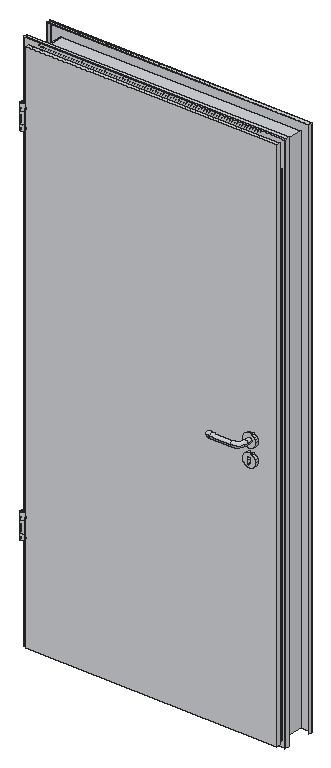
Revit family "BOS-Blockzarge-15ZBud-zw-2-Waenden_Familie", category Türen, Revit 2017
Family settings
  Basisbauteil = Wand
  Immer vertikal = Ja
  Beim Laden mit Abzugskörper schneiden = Nein
  Gemeinsam genutzt = Nein
  Raumberechnungspunkt = Ja
Parameters (values of type "15ZBud zwischen 2 Wänden")
  Öffnungswinkel min. = 0.00°  # constant formula
  Öffnungswinkel max. = 90.00°  # constant formula
  Öffnungswinkel   Aperture [instance] = 0.00°
  Öffnungswinkel [instance] = if(Öffnungswinkel   Aperture < Öffnungswinkel min., Öffnungswinkel min., if(Öffnungswinkel   Aperture > Öffnungswinkel max., Öffnungswinkel max., Öffnungswinkel   Aperture)) * if(DIN links   DIN Left, 1, -1)  # 0.00°
  Unterfütterungsstärke min. = 18 mm  # constant formula
  Unterfütterungsstärke max. = 28 mm  # constant formula
  Bauseitige Unterfütterung [instance] = Bauseitige Unterfütterung   Underlay from Site  # no
  Türblattabstand unten = 7 mm  # constant formula
  Türblattabstand oben = 4 mm  # constant formula
  Türblattabstand links-rechts = 3.5 mm  # constant formula
  Türblattaufschlag = 13 mm  # constant formula
  Türblattabstand 3 = 4.5 mm  # constant formula
  Türblattabstand 2 = 4.5 mm  # constant formula
  Türblattabstand 1 = if(Gefälzt, 1.5 mm, -2 mm)  # 1.5 mm
  Türblattversatz vertikal = if(Gefälzt, -3.5 mm, 15.5 mm)  # -3.5 mm
  Türblattversatz horizontal = if(Gefälzt, 11.5 mm, 6 mm)  # 11.5 mm
  Zargenversatz   Frame Offset [instance] = 0 mm
  Zargenversatz [instance] = if(Zargenversatz   Frame Offset < Zargenversatz min., Zargenversatz min., if(Zargenversatz   Frame Offset > Zargenversatz max., Zargenversatz max., Zargenversatz   Frame Offset))  # 0 mm
  Zargenreferenz [instance] = Wandstärke   Wall Thickness / 2  # 100 mm
  Wandstärke min. = MW min. + Putzwinkel vorne + Putzwinkel hinten  # 130 mm
  Wandstärke   Wall Thickness [instance] = 200 mm
  Zargenversatz min. [instance] = 0 mm  # constant formula
  Zargenversatz max. [instance] = if(Wandstärke   Wall Thickness > GT Gesamttiefe, Wandstärke   Wall Thickness - GT Gesamttiefe, 0 mm)  # 70 mm
  Zargenverschiebung [instance] = Wandstärke   Wall Thickness - Zargenversatz - Putzwinkel vorne  # 185 mm
  Unterfütterungsstärke   Underlay Thickness [instance] = 18 mm
  Unterfütterungsstärke [instance] = if(Unterfütterungsstärke   Underlay Thickness < Unterfütterungsstärke min., Unterfütterungsstärke min., if(Unterfütterungsstärke   Underlay Thickness > Unterfütterungsstärke max., Unterfütterungsstärke max., Unterfütterungsstärke   Underlay Thickness))  # 18 mm
  Stumpf = or([15ZBsd], [15ZBsFd])  # no
  VX Bänder [instance] = 1 < 2  # yes
  Spiegel vorne min. = 30 mm  # constant formula
  Spiegel vorne max. = 30 mm  # constant formula
  Spiegel hinten min. [instance] = Spiegel vorne + Falzaufschlag gesamt  # 45 mm
  Spiegel hinten max. [instance] = Spiegel vorne + Falzaufschlag gesamt  # 45 mm
  Sickentiefe = 10 mm  # constant formula
  RRH Rohbau_Richtmaß_Höhe (Zarge)   Structural Wall Opening Height Measurement (Door Frame) [instance] = FMH Falzmaß Höhe + Einfügepunkt  # 2125 mm
  RRH Rohbau_Richtmaß_Höhe   Structural Wall Opening Height Measurement [instance] = [RRH Rohbau_Richtmaß_Höhe (Zarge)   Structural Wall Opening Height Measurement (Door Frame)] + Unterfütterungsstärke  # 2143 mm
  RRB Rohbau_Richtmaß_Breite (Zarge)   Structural Wall Opening Width Measurement (Door Frame) [instance] = FMB Falzmaß Breite + (2 * Einfügepunkt)  # 1000 mm
  RRB Rohbau_Richtmaß_Breite   Structural Wall Opening Width Measurement [instance] = [RRB Rohbau_Richtmaß_Breite (Zarge)   Structural Wall Opening Width Measurement (Door Frame)] + (2 * Unterfütterungsstärke)  # 1036 mm
  Putzwinkel vorne   Backbend Front = 15 mm  # constant formula
  Putzwinkel min. = 10 mm  # constant formula
  Putzwinkel max. = 28 mm  # constant formula
  Putzwinkel hinten   Backbend Back = 15 mm  # constant formula
  Material - Unterfütterung = none
  MW Maulweite [instance] = MW Maulweite   Receiving Opening  # 100 mm
  LDH Lichte Durchgangs Höhe   Clearance Height [instance] = FMH Falzmaß Höhe - Falzaufschlag gesamt  # 2093 mm
  LDB Lichte Durchgangs Breite   Clearance Width [instance] = FMB Falzmaß Breite - (2 * Falzaufschlag gesamt)  # 936 mm
  Gefälzt = or([15ZBud], [15ZBuFd])  # yes
  URL = "www.BestOfSteel.de/stahlzargen/zargen-fuer-drehfluegeltueren/umfassungszargen-als-blockprofil/"
  Türblattstärke 3 = if(Doppelfalz, Falztiefe 2, 0 mm)  # 0 mm
  Türblattstärke 2 = Türblattstärke - Türblattstärke 1 - Türblattstärke 3  # 25.5 mm
  Türblattstärke 1 = if(Gefälzt, 14.5 mm, 0 mm)  # 14.5 mm
  Türblattstärke = if(Einfachfalz, 40 mm, 65 mm)  # 40 mm
  Typenbild = <Keine Auswahl>
  Spiegel vorne   Architrave Front [instance] = 30 mm  # constant formula
  Spiegel vorne [instance] = if(Spiegel vorne   Architrave Front < Spiegel vorne min., Spiegel vorne min., if(Spiegel vorne   Architrave Front > Spiegel vorne max., Spiegel vorne max., Spiegel vorne   Architrave Front))  # 30 mm
  Spiegel hinten   Architrave Back [instance] = Spiegel vorne + Falzaufschlag gesamt  # 45 mm
  Spiegel hinten [instance] = if(Spiegel hinten   Architrave Back < Spiegel hinten max., Spiegel hinten max., if(Spiegel hinten   Architrave Back > Spiegel hinten max., Spiegel hinten max., Spiegel hinten   Architrave Back))  # 45 mm
  Rough Height = 0 mm  # constant formula
  Rough Width = 0 mm  # constant formula
  Rechtliche Hinweise [instance] = "www.BestOfSteel.de/tools-downloads/bim-building-information-modeling/"
  Putzwinkel vorne = if(Putzwinkel vorne   Backbend Front < Putzwinkel min., Putzwinkel min., if(Putzwinkel vorne   Backbend Front > Putzwinkel max., Putzwinkel max., Putzwinkel vorne   Backbend Front))  # 15 mm
  Putzwinkel hinten = if(Putzwinkel hinten   Backbend Back < Putzwinkel min., Putzwinkel min., if(Putzwinkel hinten   Backbend Back > Putzwinkel max., Putzwinkel max., Putzwinkel hinten   Backbend Back))  # 15 mm
  MW min. = 100 mm  # constant formula
  MW max. [instance] = GT max. - Putzwinkel vorne - Putzwinkel hinten  # 170 mm
  Information in English = no
  GT min. [instance] = MW min. + Putzwinkel vorne + Putzwinkel hinten  # 130 mm
  GT max. stumpf [instance] = if(Wandstärke   Wall Thickness > 344 mm, 344 mm, if(Wandstärke   Wall Thickness < Wandstärke min., Wandstärke min., Wandstärke   Wall Thickness))  # 200 mm
  GT max. gefälzt [instance] = if(Wandstärke   Wall Thickness > 319 mm, 319 mm, if(Wandstärke   Wall Thickness < Wandstärke min., Wandstärke min., Wandstärke   Wall Thickness))  # 200 mm
  GT max. [instance] = if(Gefälzt, GT max. gefälzt, GT max. stumpf)  # 200 mm
  GT Gesamttiefe [instance] = if(GT Gesamttiefe_Zarge   Total Profile Depth < GT min., GT min., if(GT Gesamttiefe_Zarge   Total Profile Depth > GT max., GT max., GT Gesamttiefe_Zarge   Total Profile Depth))  # 130 mm
  Funktion = Innen
  Falztiefe gesamt = if(Einfachfalz, Falztiefe, Falztiefe + Falztiefe 2)  # 28.5 mm
  Falztiefe 2 = 25 mm  # constant formula
  Falztiefe = Türblattstärke 2 - Türblattabstand 1 + Türblattabstand 2  # 28.5 mm
  Falzaufschlag gesamt = if(Einfachfalz, Falzaufschlag, 2 * Falzaufschlag)  # 15 mm
  FMH min. = 1608 mm  # constant formula
  FMH max. = 2858 mm  # constant formula
  FMH Falzmaß_Höhe   Rebate Height Measurement [instance] = 2108 mm
  FMH Falzmaß Höhe [instance] = if(FMH Falzmaß_Höhe   Rebate Height Measurement < FMH min., FMH min., if(FMH Falzmaß_Höhe   Rebate Height Measurement > FMH max., FMH max., FMH Falzmaß_Höhe   Rebate Height Measurement))  # 2108 mm
  FMB min. = 591 mm  # constant formula
  FMB max. = 1342 mm  # constant formula
  FMB Falzmaß_Breite   Rebate Width Measurement [instance] = 966 mm
  FMB Falzmaß Breite [instance] = if(FMB Falzmaß_Breite   Rebate Width Measurement < FMB min., FMB min., if(FMB Falzmaß_Breite   Rebate Width Measurement > FMB max., FMB max., FMB Falzmaß_Breite   Rebate Width Measurement))  # 966 mm
  Drückerhöhe [instance] = if(Drückerhöhe   Handle Height < 850 mm, 850 mm, if(Drückerhöhe   Handle Height > 1050 mm, 1050 mm, Drückerhöhe   Handle Height))  # 1050 mm
  Drehpunktreferenz vetikal [instance] = 2 * MW Maulweite  # 200 mm
  Drehpunktreferenz horizontal = 500 mm  # constant formula
  Drehpunktposition vertikal [instance] = Drehpunktreferenz vetikal + Putzwinkel vorne + [Drehpunktabstand (SP) vertikal]  # 227.5 mm
  Drehpunktposition horizontal [instance] = Drehpunktreferenz horizontal + Unterfütterungsstärke + Einfügepunkt + if(DIN links   DIN Left, FMB Falzmaß Breite + [Drehpunktabstand (FM) horizontal], -[Drehpunktabstand (FM) horizontal])  # 1522 mm
  Drehpunktabstand (SP) vertikal = if(Gefälzt, 12.5 mm, 13.5 mm)  # 12.5 mm
  Drehpunktabstand (FM) horizontal = if(Gefälzt, 21 mm, 2.5 mm)  # 21 mm
  Drehpunkt Warnung sichtbar = yes
  Drehpunkt Warnung [instance] = and(Drehpunkt Warnung sichtbar, not(Öffnungswinkel = 0.00°))  # no
  Doppelfalz = or([15ZBuFd], [15ZBsFd])  # no
  Einfachfalz = or([15ZBud], [15ZBsd])  # yes
  Dichtungsversatz vertikal 2 [instance] = Falztiefe + Falztiefe 2 + 10 mm - Putzwinkel vorne  # 48.5 mm
  Dichtungsversatz horizontal 2 [instance] = Falzaufschlag  # 15 mm
  Dichtungsversatz vertikal 1 [instance] = Falztiefe + 10 mm - Putzwinkel vorne  # 23.5 mm
  Dichtungsversatz horizontal 1 [instance] = 0 mm  # constant formula
  Dichtung 2 = Doppelfalz  # no
  Dichtung 1 = or(Einfachfalz, Doppelfalz)  # yes
  Bänder - Auswahl [instance] = if(Gefälzt, "3D Bänder gefälzt, Bandaufnahmen BVX11000", "3D Bänder stumpf, Bandaufnahmen BVX11000")  # "3D Bänder gefälzt, Bandaufnahmen BVX11000"
  Blechstärke = 1.5 mm  # constant formula
  Bauseitige Unterfütterung   Underlay from Site [instance] = no
  BE max. = 100 mm  # constant formula
  BE Bodeneinstand [instance] = if(BE Bodeneinstand   Foundation Bedding < 0 mm, 0 mm, if(BE Bodeneinstand   Foundation Bedding > BE max., BE max., BE Bodeneinstand   Foundation Bedding))  # 0 mm
  Analytische Konstruktion = "<Keine Auswahl>"
  15ZBsFd = no
  15ZBuFd = no
  Modell = "15ZBud zwischen 2 Wänden"
  Material - Zarge = none
  Material - Türblatt = none
  Material - Drückergarnitur = none
  Material - Dichtung = none
  Material - Bänder = none
  Material = "grundiert, feuerverzinktes Feinblech nach DIN EN 10143"
  MW Maulweite   Receiving Opening [instance] = GT Gesamttiefe - Putzwinkel vorne - Putzwinkel hinten  # 100 mm
  Height [instance] = [RRH Rohbau_Richtmaß_Höhe (Zarge)   Structural Wall Opening Height Measurement (Door Frame)]  # 2125 mm
  Hersteller = "BOS GmbH Best Of Steel, Lütkenfelde 4, D-48282 Emsdetten"
  GT Gesamttiefe_Zarge   Total Profile Depth [instance] = 130 mm
  MW Fehler [instance] = or(Wandstärke   Wall Thickness < Wandstärke min., Zargenversatz   Frame Offset > Zargenversatz)  # no
  Einfügepunkt = 17 mm  # constant formula
  Drückerhöhe   Handle Height [instance] = 1050 mm
  Drückergarnitur [instance] = 1 < 2  # yes
  Dicke = 0 mm  # constant formula
  DIN rechts   DIN Right [instance] = not(DIN links   DIN Left)  # no
  DIN links oder rechts [instance] = if(DIN links   DIN Left, "DIN links", "DIN rechts")  # "DIN links"
  DIN links   DIN Left [instance] = yes
  15ZBud = yes
  15ZBsd = no
  Width = 0 mm  # constant formula
  Beschreibung = "2-schalige Blockzarge zwischen 2 Wänden, gefälzt, Duo 15Z"
  Bauelement = "BOS Stahlzarge"
  BOS-Architekten-Beratung = "Tel.: +49 (0) 2572 203-203; E-Mail: architekten@BestOfSteel.de"
  BE Bodeneinstand   Foundation Bedding [instance] = 0 mm  # constant formula
  BBL1 Bandbezugslinie   Hinge Position 1 = 241 mm  # constant formula
  BA Bandabstand   Distance Between Hinges [instance] = if(FMH Falzmaß Höhe < 1546 mm, 935 mm, if(FMH Falzmaß Höhe < 1671 mm, 1060 mm, if(FMH Falzmaß Höhe < 1796 mm, 1185 mm, if(FMH Falzmaß Höhe < 1921 mm, 1310 mm, if(FMH Falzmaß Höhe < 2171 mm, 1435 mm, if(FMH Falzmaß Höhe < 2296 mm, 1685 mm, if(FMH Falzmaß Höhe < 2421 mm, 1810 mm, if(FMH Falzmaß Höhe < 2546 mm, 1935 mm, if(FMH Falzmaß Höhe < 2671 mm, 2060 mm, if(FMH Falzmaß Höhe < 2796 mm, 2185 mm, 2310 mm))))))))))  # 1435 mm
  Falzaufschlag = 15 mm  # constant formula
  Technische Infos rund um die Stahlzarge = "www.BestOfSteel.de/tools-downloads/technische-infos-rund-um-die-stahlzarge/"
  Info-Texte sichtbar = yes
Reference planes
  plane 1 "Wand": y = 0
  plane 2 "Mitte (Links/rechts)": x = 125
  plane 3 "Hinten": y = 100
  plane 4 "Vorne": y = -100
  plane 5 "RRH (Zarge) oben": z = 2125
  plane 6 "BBL1": z = 1867
  plane 7 "Drückerhöhe": z = 1050
  plane 8 "BBL2": z = 432
  plane 9 "BE": z = 0
  plane 10 "FMH oben": z = 2108
  plane 11 "BE max.": z = -100
  plane 12 "RRB links": x = -393
  plane 13 "RRB rechts": x = 643
  plane 14 "RRH oben": z = 2143
  plane 15 "Vorne (Zarge)": y = -85
  plane 16 "RRB (Zarge) links": x = -375
  plane 17 "FMB links": x = -358
  plane 18 "RRB (Zarge) rechts": x = 625
  plane 19 "FMB rechts": x = 608
  plane 20 "Zargenreferenz": y = -185
  plane 21 "Hinten (Zarge)": y = 15
  plane 22 "Drehpunktreferenz horizontal": x = 1143
  plane 23 "Drehpunktreferenz vertikal": y = 115
  plane 24 "Drehpunktposition horizontal": y = -112.5
  plane 25 "Drehpunktposition vertikal": x = -379
Forms (mm)
  Sweep 1, solid, material <- "Material - Zarge", visible <- "Einfachfalz", detail levels medium+fine
    path origin (0, -85, 0) x (-1, 0, 0) y (0, 0, 1)
      loop
        line (375, 0) -> (375, 2125) -> (-625, 2125) -> (-625, 0)
    profile "BOS-15ZBud-15ZBsd_Profil : BOS-15ZBud-15ZBsd_Profil" origin (-375, -85, 1062.5) x (1, 0, 0) y (0, 1, 0)
      loop
        line (17.5, 25) -> (16, 25)
        arc (16, 25) -> (15.646, 24.854) -> (15.5, 24.5) r 0.5
        line (15.5, 24.5) -> (15.5, 23)
        arc (15.5, 23) -> (16.086, 24.414) -> (17.5, 25) r 2
      loop
        arc (-10.5, 115) -> (-12.268, 114.268) -> (-13, 112.5) r 2.5
        line (-13, 112.5) -> (-13, 100) -> (-11.5, 100) -> (-11.5, 112.5)
        arc (-11.5, 112.5) -> (-11.207, 113.207) -> (-10.5, 113.5) r 1
        line (-10.5, 113.5) -> (29.5, 113.5)
        arc (29.5, 113.5) -> (30.207, 113.207) -> (30.5, 112.5) r 1
        line (30.5, 112.5) -> (30.5, 16.25)
        arc (30.5, 16.25) -> (29.159, 15.003) -> (28.013, 16.431) r 1.25
        line (28.013, 16.431) -> (28.983, 23.066)
        arc (28.983, 23.066) -> (28.284, 25.462) -> (26.015, 26.5) r 3
        line (26.015, 26.5) -> (16, 26.5)
        arc (16, 26.5) -> (14.586, 25.914) -> (14, 24.5) r 2
        line (14, 24.5) -> (14, 16.5) -> (15.5, 16.5) -> (15.5, -12.5)
        arc (15.5, -12.5) -> (15.207, -13.207) -> (14.5, -13.5) r 1
        line (14.5, -13.5) -> (-10.5, -13.5)
        arc (-10.5, -13.5) -> (-11.207, -13.207) -> (-11.5, -12.5) r 1
        line (-11.5, -12.5) -> (-11.5, 0) -> (-13, 0) -> (-13, -12.5)
        arc (-13, -12.5) -> (-12.268, -14.268) -> (-10.5, -15) r 2.5
        line (-10.5, -15) -> (14.5, -15)
        arc (14.5, -15) -> (16.268, -14.268) -> (17, -12.5) r 2.5
        line (17, -12.5) -> (17, 23)
        arc (17, 23) -> (17.146, 23.354) -> (17.5, 23.5) r 0.5
        line (17.5, 23.5) -> (25, 23.5) -> (25, 25) -> (26.015, 25)
        arc (26.015, 25) -> (27.15, 24.481) -> (27.499, 23.283) r 1.5
        line (27.499, 23.283) -> (26.529, 16.648)
        arc (26.529, 16.648) -> (29.051, 13.507) -> (32, 16.25) r 2.75
        line (32, 16.25) -> (32, 112.5)
        arc (32, 112.5) -> (31.268, 114.268) -> (29.5, 115) r 2.5
        line (29.5, 115) -> (-10.5, 115)
  Sweep 2, solid, material <- "Material - Zarge", visible <- "Doppelfalz", detail levels medium+fine
    path origin (0, -85, 0) x (-1, 0, 0) y (0, 0, 1)
      loop
        line (375, 0) -> (375, 2125) -> (-625, 2125) -> (-625, 0)
    profile "BOS-15ZBuFd-15ZBsFd_Profil : BOS-15ZBuFd-15ZBsFd_Profil" origin (-375, -85, 1062.5) x (1, 0, 0) y (0, 1, 0)
      loop
        line (17.5, 25) -> (16, 25)
        arc (16, 25) -> (15.646, 24.854) -> (15.5, 24.5) r 0.5
        line (15.5, 24.5) -> (15.5, 23)
        arc (15.5, 23) -> (16.086, 24.414) -> (17.5, 25) r 2
      loop
        line (27.499, 23.283) -> (26.529, 16.648)
        arc (26.529, 16.648) -> (29.051, 13.507) -> (32, 16.25) r 2.75
        line (32, 16.25) -> (32, 47.5)
        arc (32, 47.5) -> (32.293, 48.207) -> (33, 48.5) r 1
        line (33, 48.5) -> (41, 48.5)
        arc (41, 48.5) -> (42.154, 47.958) -> (42.475, 46.725) r 1.5
        line (42.475, 46.725) -> (41.547, 41.755)
        arc (41.547, 41.755) -> (43.996, 38.512) -> (47, 41.25) r 2.75
        line (47, 41.25) -> (47, 112.5)
        arc (47, 112.5) -> (46.268, 114.268) -> (44.5, 115) r 2.5
        line (44.5, 115) -> (4.5, 115)
        arc (4.5, 115) -> (2.732, 114.268) -> (2, 112.5) r 2.5
        line (2, 112.5) -> (2, 100) -> (3.5, 100) -> (3.5, 112.5)
        arc (3.5, 112.5) -> (3.793, 113.207) -> (4.5, 113.5) r 1
        line (4.5, 113.5) -> (44.5, 113.5)
        arc (44.5, 113.5) -> (45.207, 113.207) -> (45.5, 112.5) r 1
        line (45.5, 112.5) -> (45.5, 41.25)
        arc (45.5, 41.25) -> (44.135, 40.005) -> (43.021, 41.479) r 1.25
        line (43.021, 41.479) -> (43.949, 46.449)
        arc (43.949, 46.449) -> (43.308, 48.917) -> (41, 50) r 3
        line (41, 50) -> (33, 50)
        arc (33, 50) -> (31.232, 49.268) -> (30.5, 47.5) r 2.5
        line (30.5, 47.5) -> (30.5, 16.25)
        arc (30.5, 16.25) -> (29.159, 15.003) -> (28.013, 16.431) r 1.25
        line (28.013, 16.431) -> (28.983, 23.066)
        arc (28.983, 23.066) -> (28.284, 25.462) -> (26.015, 26.5) r 3
        line (26.015, 26.5) -> (16, 26.5)
        arc (16, 26.5) -> (14.586, 25.914) -> (14, 24.5) r 2
        line (14, 24.5) -> (14, 16.5) -> (15.5, 16.5) -> (15.5, -12.5)
        arc (15.5, -12.5) -> (15.207, -13.207) -> (14.5, -13.5) r 1
        line (14.5, -13.5) -> (-10.5, -13.5)
        arc (-10.5, -13.5) -> (-11.207, -13.207) -> (-11.5, -12.5) r 1
        line (-11.5, -12.5) -> (-11.5, 0) -> (-13, 0) -> (-13, -12.5)
        arc (-13, -12.5) -> (-12.268, -14.268) -> (-10.5, -15) r 2.5
        line (-10.5, -15) -> (14.5, -15)
        arc (14.5, -15) -> (16.268, -14.268) -> (17, -12.5) r 2.5
        line (17, -12.5) -> (17, 23)
        arc (17, 23) -> (17.146, 23.354) -> (17.5, 23.5) r 0.5
        line (17.5, 23.5) -> (25, 23.5) -> (25, 25) -> (26.015, 25)
        arc (26.015, 25) -> (27.15, 24.481) -> (27.499, 23.283) r 1.5
  Sweep 3, solid, material <- "Material - Dichtung", visible <- "Dichtung 1", detail levels medium+fine
    path origin (0, -85, 0) x (-1, 0, 0) y (0, 0, 1)
      loop
        line (358, 0) -> (358, 2108) -> (-608, 2108) -> (-608, 0)
    profile "BOS-Dichtung_Profil : BOS-Dichtung_Profil" origin (-358, -85, 1054) x (1, 0, 0) y (0, 1, 0)
      loop
        arc (2.601, 22.263) -> (2.248, 22.116) -> (2.102, 21.763) r 0.5
        line (2.102, 21.763) -> (2.102, 17.634)
        arc (2.102, 17.634) -> (2.243, 17.254) -> (2.599, 17.057) r 0.584
        line (2.599, 17.057) -> (7.702, 16.28)
        arc (7.702, 16.28) -> (8.08, 16.392) -> (8.234, 16.754) r 0.462
        line (8.234, 16.754) -> (8.069, 20.992)
        arc (8.069, 20.992) -> (7.918, 21.403) -> (7.556, 21.65) r 0.716
        arc (7.556, 21.65) -> (5.104, 22.16) -> (2.601, 22.263) r 15.257
      loop
        arc (2.671, 15.957) -> (2.274, 15.838) -> (2.102, 15.46) r 0.501
        line (2.102, 15.46) -> (2.102, 12.565)
        arc (2.102, 12.565) -> (2.227, 12.151) -> (2.561, 11.874) r 0.75
        line (2.561, 11.874) -> (9.159, 10)
        arc (9.159, 10) -> (9.738, 9.926) -> (10.314, 10.026) r 1.962
        arc (10.314, 10.026) -> (11.596, 10.754) -> (12.503, 11.916) r 3.79
        arc (12.503, 11.916) -> (12.466, 12.289) -> (12.114, 12.416) r 0.351
        arc (12.114, 12.416) -> (9.731, 12.818) -> (8.301, 14.767) r 3.215
        arc (8.301, 14.767) -> (8.101, 15.097) -> (7.751, 15.259) r 0.66
        line (7.751, 15.259) -> (2.671, 15.957)
      loop
        arc (9.885, 21.692) -> (6.361, 23.049) -> (2.611, 23.5) r 15.273
        arc (2.611, 23.5) -> (1.229, 23.241) -> (0, 22.558) r 4.388
        arc (0, 22.558) -> (-0.126, 22.198) -> (0.203, 22.005) r 0.3
        line (0.203, 22.005) -> (1.052, 22.179) -> (1.052, 17.212) -> (0.253, 16.589)
        arc (0.253, 16.589) -> (0.158, 16.198) -> (0.517, 16.017) r 0.324
        arc (0.517, 16.017) -> (0.888, 15.925) -> (1.052, 15.58) r 0.446
        line (1.052, 15.58) -> (1.052, 12.338) -> (0.255, 11.575)
        arc (0.255, 11.575) -> (0.205, 11.209) -> (0.55, 11.077) r 0.297
        arc (0.55, 11.077) -> (1.217, 11.194) -> (1.892, 11.137) r 2.63
        line (1.892, 11.137) -> (9.198, 9.049)
        arc (9.198, 9.049) -> (9.621, 9.008) -> (10.045, 9.024) r 3.219
        arc (10.045, 9.024) -> (12.714, 10.531) -> (14.033, 13.298) r 5.088
        arc (14.033, 13.298) -> (13.874, 13.708) -> (13.442, 13.788) r 0.451
        line (13.442, 13.788) -> (12.151, 13.352)
        arc (12.151, 13.352) -> (10.406, 13.72) -> (9.336, 15.147) r 2.533
        line (9.336, 15.147) -> (9.088, 20.569)
        arc (9.088, 20.569) -> (9.253, 20.964) -> (9.663, 21.087) r 0.501
        arc (9.663, 21.087) -> (10.021, 21.299) -> (9.885, 21.692) r 0.329
  Sweep 4, solid, material <- "Material - Dichtung", visible <- "Dichtung 2", detail levels medium+fine
    path origin (0, -85, 0) x (-1, 0, 0) y (0, 0, 1)
      loop
        line (358, 0) -> (358, 2108) -> (-608, 2108) -> (-608, 0)
    profile "BOS-Dichtung_Profil : BOS-Dichtung_Profil" origin (-358, -85, 1054) x (1, 0, 0) y (0, 1, 0)
      loop
        arc (17.601, 47.263) -> (17.248, 47.116) -> (17.102, 46.763) r 0.5
        line (17.102, 46.763) -> (17.102, 42.634)
        arc (17.102, 42.634) -> (17.243, 42.254) -> (17.599, 42.057) r 0.584
        line (17.599, 42.057) -> (22.702, 41.28)
        arc (22.702, 41.28) -> (23.08, 41.392) -> (23.234, 41.754) r 0.462
        line (23.234, 41.754) -> (23.069, 45.992)
        arc (23.069, 45.992) -> (22.918, 46.403) -> (22.556, 46.65) r 0.716
        arc (22.556, 46.65) -> (20.104, 47.16) -> (17.601, 47.263) r 15.257
      loop
        arc (17.671, 40.957) -> (17.274, 40.838) -> (17.102, 40.46) r 0.501
        line (17.102, 40.46) -> (17.102, 37.565)
        arc (17.102, 37.565) -> (17.227, 37.151) -> (17.561, 36.874) r 0.75
        line (17.561, 36.874) -> (24.159, 35)
        arc (24.159, 35) -> (24.738, 34.926) -> (25.314, 35.026) r 1.962
        arc (25.314, 35.026) -> (26.596, 35.754) -> (27.503, 36.916) r 3.79
        arc (27.503, 36.916) -> (27.466, 37.289) -> (27.114, 37.416) r 0.351
        arc (27.114, 37.416) -> (24.731, 37.818) -> (23.301, 39.767) r 3.215
        arc (23.301, 39.767) -> (23.101, 40.097) -> (22.751, 40.259) r 0.66
        line (22.751, 40.259) -> (17.671, 40.957)
      loop
        arc (24.885, 46.692) -> (21.361, 48.049) -> (17.611, 48.5) r 15.273
        arc (17.611, 48.5) -> (16.229, 48.241) -> (15, 47.558) r 4.388
        arc (15, 47.558) -> (14.874, 47.198) -> (15.203, 47.005) r 0.3
        line (15.203, 47.005) -> (16.052, 47.179) -> (16.052, 42.212) -> (15.253, 41.589)
        arc (15.253, 41.589) -> (15.158, 41.198) -> (15.517, 41.017) r 0.324
        arc (15.517, 41.017) -> (15.888, 40.925) -> (16.052, 40.58) r 0.446
        line (16.052, 40.58) -> (16.052, 37.338) -> (15.255, 36.575)
        arc (15.255, 36.575) -> (15.205, 36.209) -> (15.55, 36.077) r 0.297
        arc (15.55, 36.077) -> (16.217, 36.194) -> (16.892, 36.137) r 2.63
        line (16.892, 36.137) -> (24.198, 34.049)
        arc (24.198, 34.049) -> (24.621, 34.008) -> (25.045, 34.024) r 3.219
        arc (25.045, 34.024) -> (27.714, 35.531) -> (29.033, 38.298) r 5.088
        arc (29.033, 38.298) -> (28.874, 38.708) -> (28.442, 38.788) r 0.451
        line (28.442, 38.788) -> (27.151, 38.352)
        arc (27.151, 38.352) -> (25.406, 38.72) -> (24.336, 40.147) r 2.533
        line (24.336, 40.147) -> (24.088, 45.569)
        arc (24.088, 45.569) -> (24.253, 45.964) -> (24.663, 46.087) r 0.501
        arc (24.663, 46.087) -> (25.021, 46.299) -> (24.885, 46.692) r 0.329
  Sweep 5, solid, material <- "Material - Unterfütterung", visible <- "Bauseitige Unterfütterung", detail levels medium+fine
    path origin (0, -85, 0) x (-1, 0, 0) y (0, 0, 1)
      loop
        line (393, 0) -> (393, 2143) -> (-643, 2143) -> (-643, 0)
    profile origin (-393, -85, 1071.5) x (1, 0, 0) y (0, 1, 0)
      loop
        line (0, 100) -> (0, 0) -> (18, 0) -> (18, 100) -> (0, 100)
Lines and regions (mm)
  Opening 1
    outline origin (-5000, -100, 0) x (1, 0, 0) y (0, 0, 1)
      loop
        line (5643, 0) -> (5643, 2143) -> (4607, 2143) -> (4607, 0) -> (5643, 0)
  reference lines
    curve 1: line (65, 650, 0) -> (185, 650, 0)
    curve 2: line (65, -650, 0) -> (185, -650, 0)
    curve 3: line (65, 150, 0) -> (185, 150, 0)
    curve 4: line (104.748, -350, 0) -> (185, -350, 0)
    curve 5: line (-379, -112.5, 0) -> (121, -112.5, 0)
  symbolic lines, style "DoorsHiddenLines", visible <- "DIN rechts   DIN Right", detail levels coarse
    curve 6: arc (-375, -112.5, 0) -> (-82.107, -819.607, 0) -> (625, -1112.5, 0) r 1000
  symbolic lines, style "Doors", visible <- "DIN rechts   DIN Right", detail levels coarse
    curve 7: line (625, -112.5, 0) -> (625, -1112.5, 0)
  symbolic lines, style "DoorsHiddenLines", built-in parameter 1006206 <- "DIN links   DIN Left", detail levels coarse
    curve 8: arc (625, -112.5, 0) -> (332.107, -819.607, 0) -> (-375, -1112.5, 0) r 1000
  symbolic lines, style "Doors", built-in parameter 1006206 <- "DIN links   DIN Left", detail levels coarse
    curve 9: line (-375, -112.5, 0) -> (-375, -1112.5, 0)
Text (mm)
  text "Außen     " at (-1696.17, 830.944, 0), in view "Ref.-Ebene"
  text "Außen" at (0, 1409.804, 2854.306), in view "Links"
  text "Placement side" at (0, 499.811, 2980.732), in view "Rechts"
Dimensions and locks
  locked: plane 3 "Hinten" to host wall
  locked: host wall to plane 4 "Vorne" at 0
  "Drückerhöhe": level to plane 7 "Drückerhöhe"
  "BE Bodeneinstand": plane 9 "BE" to level
  "Wandstärke   Wall Thickness": host wall to host wall
  "BBL1 Bandbezugslinie   Hinge Position 1": plane 10 "FMH oben" to plane 6 "BBL1"
  "BA Bandabstand   Distance Between Hinges": plane 6 "BBL1" to plane 8 "BBL2"
  "FMH Falzmaß Höhe": plane 10 "FMH oben" to level
  "RRH Rohbau_Richtmaß_Höhe (Zarge)   Structural Wall Opening Height Measurement (Door Frame)": plane 5 "RRH (Zarge) oben" to level
  curve 2 to curve 4 to plane 4 "Vorne" to plane 3 "Hinten" to curve 3 to curve 1 = 300 mm, 250 mm, 200 mm, 50 mm, 500 mm
  "BE max.": level to plane 11 "BE max."
  equal spacing: plane 12 "RRB links", plane 2 "Mitte (Links/rechts)", plane 13 "RRB rechts"
  "RRB Rohbau_Richtmaß_Breite   Structural Wall Opening Width Measurement": plane 12 "RRB links" to plane 13 "RRB rechts"
  "RRH Rohbau_Richtmaß_Höhe   Structural Wall Opening Height Measurement": plane 14 "RRH oben" to level
  equal spacing: plane 17 "FMB links", plane 2 "Mitte (Links/rechts)", plane 19 "FMB rechts"
  equal spacing: plane 16 "RRB (Zarge) links", plane 2 "Mitte (Links/rechts)", plane 18 "RRB (Zarge) rechts"
  "FMB Falzmaß Breite": plane 17 "FMB links" to plane 19 "FMB rechts"
  "RRB Rohbau_Richtmaß_Breite (Zarge)   Structural Wall Opening Width Measurement (Door Frame)": plane 16 "RRB (Zarge) links" to plane 18 "RRB (Zarge) rechts"
  "Zargenreferenz": plane 15 "Vorne (Zarge)" to plane 20 "Zargenreferenz"
  "Zargenverschiebung": plane 20 "Zargenreferenz" to host wall
  "MW Maulweite": plane 21 "Hinten (Zarge)" to plane 15 "Vorne (Zarge)"
  "Drehpunktreferenz horizontal": plane 13 "RRB rechts" to plane 22 "Drehpunktreferenz horizontal"
  "Drehpunktposition horizontal": plane 25 "Drehpunktposition vertikal" to plane 22 "Drehpunktreferenz horizontal"
  "Drehpunktposition vertikal": plane 24 "Drehpunktposition horizontal" to plane 23 "Drehpunktreferenz vertikal"
  "Drehpunktreferenz vetikal": plane 15 "Vorne (Zarge)" to plane 23 "Drehpunktreferenz vertikal"
  "Öffnungswinkel": angle curve 5 to plane 24 "Drehpunktposition horizontal"
  aligned and locked: plane 1 "Wand" to host wall
  aligned and locked: Opening 1 sketch curve to plane 14 "RRH oben"
  aligned and locked: plane 12 "RRB links" to Opening 1 sketch curve
  aligned and locked: Opening 1 sketch curve to plane 13 "RRB rechts"
  aligned and locked: plane 12 "RRB links" to Sweep 5 sketch curve
  aligned and locked: Sweep 5 sketch curve to plane 21 "Hinten (Zarge)"
  aligned and locked: Sweep 5 sketch curve to plane 16 "RRB (Zarge) links"
  aligned and locked: profile plane to Sweep 5 sketch curve
  aligned and locked: plane 18 "RRB (Zarge) rechts" to nested 1
  aligned and locked: nested 1 to plane 15 "Vorne (Zarge)"
  aligned and locked: plane 7 "Drückerhöhe" to nested 1
  aligned and locked: plane 16 "RRB (Zarge) links" to nested 2
  aligned and locked: plane 15 "Vorne (Zarge)" to nested 2
  aligned and locked: plane 18 "RRB (Zarge) rechts" to nested 3
  aligned and locked: nested 3 to plane 15 "Vorne (Zarge)"
  aligned and locked: curve 2 to nested 6
  aligned and locked: plane 2 "Mitte (Links/rechts)" to nested 6
  aligned and locked: curve 4 to nested 4
  aligned and locked: plane 2 "Mitte (Links/rechts)" to nested 4
  aligned and locked: curve 3 to nested 8
  aligned and locked: plane 2 "Mitte (Links/rechts)" to nested 8
  aligned and locked: curve 1 to nested 7
  aligned and locked: plane 2 "Mitte (Links/rechts)" to nested 7
  aligned and locked: plane 22 "Drehpunktreferenz horizontal" to nested 5
  aligned and locked: plane 1 "Wand" to nested 5
  aligned and locked: nested 12 to Sweep 5
  aligned and locked: nested 12 to plane 21 "Hinten (Zarge)"
  aligned and locked: nested 11 to plane 8 "BBL2"
  aligned and locked: plane 6 "BBL1" to nested 10
  aligned and locked: nested 10 to plane 25 "Drehpunktposition vertikal"
  aligned and locked: nested 10 to plane 24 "Drehpunktposition horizontal"
  aligned and locked: nested 11 to plane 24 "Drehpunktposition horizontal"
  aligned and locked: nested 12 to Sweep 2
  aligned and locked: nested 11 to plane 25 "Drehpunktposition vertikal"
Automatic sketch dimensions
  Opening 1 sketch curve to level = 0 mm
  Sweep 1 sketch curve to plane 5 "RRH (Zarge) oben" = 0 mm
  Sweep 1 sketch curve to plane 18 "RRB (Zarge) rechts" = 0 mm
  Sweep 1 sketch curve to plane 16 "RRB (Zarge) links" = 0 mm
  Sweep 1 sketch curve to plane 9 "BE" = 0 mm  (x2)
  Sweep 2 sketch curve to plane 5 "RRH (Zarge) oben" = 0 mm
  Sweep 2 sketch curve to plane 18 "RRB (Zarge) rechts" = 0 mm
  Sweep 2 sketch curve to plane 16 "RRB (Zarge) links" = 0 mm
  Sweep 2 sketch curve to plane 9 "BE" = 0 mm  (x2)
  Sweep 3 sketch curve to plane 10 "FMH oben" = 0 mm
  plane 19 "FMB rechts" to Sweep 3 sketch curve = 0 mm
  Sweep 3 sketch curve to plane 17 "FMB links" = 0 mm
  Sweep 3 sketch curve to level = 0 mm  (x2)
  Sweep 4 sketch curve to plane 10 "FMH oben" = 0 mm
  plane 19 "FMB rechts" to Sweep 4 sketch curve = 0 mm
  Sweep 4 sketch curve to plane 17 "FMB links" = 0 mm
  Sweep 4 sketch curve to level = 0 mm  (x2)
  Sweep 5 sketch curve to plane 13 "RRB rechts" = 0 mm
  Sweep 5 sketch curve to plane 12 "RRB links" = 0 mm
  Sweep 5 sketch curve to level = 0 mm  (x2)
  Sweep 5 sketch curve to plane 14 "RRH oben" = 0 mm
  curve 6 to plane 16 "RRB (Zarge) links" = 0 mm
  curve 9 to plane 16 "RRB (Zarge) links" = 0 mm
  curve 7 to plane 18 "RRB (Zarge) rechts" = 0 mm
  curve 8 to plane 24 "Drehpunktposition horizontal" = 0 mm
  curve 7 to plane 24 "Drehpunktposition horizontal" = 0 mm
  curve 6 to plane 24 "Drehpunktposition horizontal" = 0 mm
  curve 9 to plane 24 "Drehpunktposition horizontal" = 0 mm
  curve 8 to plane 18 "RRB (Zarge) rechts" = 0 mm
  curve 5 to plane 24 "Drehpunktposition horizontal" = 0 mm
  curve 5 to plane 25 "Drehpunktposition vertikal" = 0 mm
  curve 2 to plane 2 "Mitte (Links/rechts)" = 60 mm
  curve 3 to plane 2 "Mitte (Links/rechts)" = 60 mm
  curve 1 to plane 2 "Mitte (Links/rechts)" = 60 mm
  curve 4 to plane 2 "Mitte (Links/rechts)" = 20.252 mm
  plane 2 "Mitte (Links/rechts)" to curve 4 = 60 mm
  plane 2 "Mitte (Links/rechts)" to curve 1 = 60 mm
  plane 2 "Mitte (Links/rechts)" to curve 3 = 60 mm
  plane 2 "Mitte (Links/rechts)" to curve 2 = 60 mm
Nested families
  nested 1: "BOS-BOS_Modell" at (625, -84.173, 1050), type "BOS-BOS_Modell", not visible
    with Abstand 17 mm
  nested 2: "BOS-Nivellieranker_Detail" at (-375, -101.747, 0), type "BOS-Nivellieranker_Detail", detail levels fine
    with Nivellierankerlänge 105 mm, MW Maulweite 100 mm, GT Gesamttiefe 130 mm, Einfügepunkt 17 mm, Ankergröße 1
  nested 3: "BOS-Nivellieranker_Detail" at (625, -101.747, 0) x (-1, 0, 0) z (0, 0, 1), type "BOS-Nivellieranker_Detail", detail levels fine
    with Nivellierankerlänge 105 mm, MW Maulweite 100 mm, GT Gesamttiefe 130 mm, Einfügepunkt 17 mm, Ankergröße 1
  nested 4: "BOS-Info-Texte_Beschriftung" at (125, -350.955, 0), visible <- "Drehpunkt Warnung", type "Drehpunkt Warnung"
  nested 5: "BOS-Info-Texte_Beschriftung" at (1143, -0.955, 0), visible <- "MW Fehler", type "Maulweite Fehlermeldung"
  nested 6: "BOS-Info-Texte_Beschriftung" at (125, -650.955, 0), visible <- "Info-Texte sichtbar", type "Rechtliche Hinweise"
  nested 7: "BOS-Info-Texte_Beschriftung" at (125, 649.045, 0), visible <- "Info-Texte sichtbar", type "Technische Hinweise"
  nested 8: "BOS-Info-Texte_Beschriftung" at (125, 149.045, 0), visible <- "Info-Texte sichtbar", type "Rohbaumaß Warnung"
  nested 9: "BOS-Türblatt_Modell" at (125, -109, 0), type "BOS-Türblatt_Modell", detail levels medium+fine
    with Glastürdrücker DIN rechts no, Glastürdrücker DIN links no, Drückergarnitur DIN rechts no, Drückergarnitur DIN links yes
  nested 10: "BOS-Band-VX_Modell" at (-379, -112.5, 1867), visible <- "DIN links   DIN Left", type "BOS-Band-VX_Modell", detail levels fine
  nested 11: "BOS-Band-VX_Modell" at (-379, -112.5, 432), visible <- "DIN links   DIN Left", type "BOS-Band-VX_Modell", detail levels fine
  nested 12: "BOS-Logo_Modell" at (-379.5, 15, 0), type "BOS-Logo_Modell", detail levels fine
Definition of nested family "BOS-Türblatt_Modell"
  Parameters (values of type "BOS-Türblatt_Modell")
    Default Elevation = 1219.2 mm
    URL = "www.BestOfSteel.de"
    Türblattversatz vertikal = -3.5 mm
    Türblattversatz horizontal = 11.5 mm
    Technische Infos rund um die Stahlzarge = "www.BestOfSteel.de/tools-downloads/technische-infos-rund-um-die-stahlzarge/"
    Türblattaufschlag = 13 mm
    Türblattstärke 3 = 0 mm
    Türblattstärke 2 = 25.5 mm
    Türblattstärke 1 = 14.5 mm
    Türblattstärke = 40 mm
    Türblattabstand oben = 4 mm
    Türblattabstand unten = 7 mm
    Türblattabstand links-rechts = 3.5 mm
    TAH3 Türblatt Außenmaß Höhe 3 = FMH Zargen Falzmaß Höhe - Falzaufschlag - Türblattabstand oben - Türblattabstand unten  # 2082 mm
    TAH2 Türblatt Außenmaß Höhe 2 = FMH Zargen Falzmaß Höhe - Türblattabstand oben - Türblattabstand unten  # 2097 mm
    TAH Türblatt Außenmaß Höhe = FMH Zargen Falzmaß Höhe + if(Gefälzt, Türblattaufschlag, 0 mm) - Türblattabstand oben - Türblattabstand unten  # 2110 mm
    Stumpf = no
    Rechtliche Hinweise = "www.BestOfSteel.de/tools-downloads/bim-building-information-modeling/"
    Material - Türblatt = none
    Material - Drückergarnitur = none
    Glastürtdrücker = no
    Glastürdrücker DIN rechts [instance] = and(Glastürtdrücker, DIN rechts)  # no
    Glastürdrücker DIN links [instance] = and(Glastürtdrücker, DIN links)  # no
    Gefälzt = yes
    FMH Zargen Falzmaß Höhe = 2108 mm
    FMB Zargen Falzmaß Breite = 966 mm
    Einfachfalz = yes
    Drückerhöhe = 1050 mm
    Drückergarnitur = yes
    Drückerabstand = 100 mm
    Drehpunktabstand vertikal = (2 * Türblattstärke) + Türblattversatz vertikal  # 76.5 mm
    Drehpunktabstand horizontal = (TAB Türblatt Außenmass Breite / 2) + if(DIN links, -Türblattversatz horizontal, TAB Türblatt Außenmass Breite + Türblattversatz horizontal)  # 481 mm
    Doppelfalz = no
    Drückergarnitur DIN rechts [instance] = and(Drückergarnitur, DIN rechts)  # no
    Drückergarnitur DIN links [instance] = and(Drückergarnitur, DIN links)  # yes
    DIN rechts = no
    DIN links = yes
    Description = "Holz- oder Glastürblatt, mit Drücker, gefälzt oder stumpf"
    Keynote = "BOS Türblatt"
    TAB3 Türblatt Außenmass Breite Türblatt 3 = FMB Zargen Falzmaß Breite - 2 * (Falzaufschlag + [Türblattabstand links-rechts])  # 929 mm
    TAB Türblatt Außenmass Breite = FMB Zargen Falzmaß Breite + 2 * (if(Gefälzt, Türblattaufschlag, 0 mm) - [Türblattabstand links-rechts])  # 985 mm
    TAB2 Türblatt Außenmass Breite Türblatt 2 = FMB Zargen Falzmaß Breite - 2 * ([Türblattabstand links-rechts])  # 959 mm
    Falzaufschlag = 15 mm
    BOS-Architekten-Beratung = "Tel.: +49 (0) 2572 203-203; E-Mail: architekten@BestOfSteel.de"
  Reference planes
    plane 1: y = -7
    plane 2: z = 0
    plane 3: x = 0
    plane 4: z = 7
    plane 5: z = 2117
    plane 6: x = -492.5
    plane 7: x = 492.5
    plane 8: x = -479.5
    plane 9: x = 479.5
    plane 10: x = 464.5
    plane 11: x = -464.5
    plane 12: y = 7.5
    plane 13: y = 33
    plane 14: y = 33
    plane 15: z = 2104
    plane 16: z = 2089
    plane 17: x = -392.5
    plane 18: x = 392.5
    plane 19: y = 73
    plane 20: z = 1050
    plane 21: x = -502.5
    plane 22: x = 502.5
    plane 23: z = 2127
    plane 24: x = -985
    plane 25: x = -504
    plane 26: y = -3.5
  Forms (mm)
    Extrusion 1, solid, material <- "Material - Türblatt", detail levels medium+fine
      sketch origin (0, 0, 0) x (1, 0, 0) y (0, 1, 0)
        loop
          line (-492.5, 33) -> (-492.5, -7) -> (492.5, -7) -> (492.5, 33) -> (-492.5, 33)
      from 7 to 2117
    Extrusion 2, void
      sketch origin (0, 0, 0) x (1, 0, 0) y (0, 1, 0)
        loop
          line (-502.5, 73) -> (-502.5, 7.5) -> (-479.5, 7.5) -> (-479.5, 33) -> (-464.5, 33) -> (-464.5, 73) -> (-502.5, 73)
        loop
          line (464.5, 73) -> (464.5, 33) -> (479.5, 33) -> (479.5, 7.5) -> (502.5, 7.5) -> (502.5, 73) -> (464.5, 73)
      from 7 to 2117
    Extrusion 3, void
      sketch origin (0, 0, 0) x (0, 1, 0) y (0, 0, 1)
        loop
          line (73, 2127) -> (7.5, 2127) -> (7.5, 2104) -> (33, 2104) -> (33, 2089) -> (73, 2089) -> (73, 2127)
      from -492.5 to 492.5
  Cuts and joins
    Extrusion 2, Extrusion 3 cuts Extrusion 1
  Dimensions and locks
    "Türblattabstand unten": plane 4 to plane 2
    equal spacing: plane 6, plane 3, plane 7
    "TAB Türblatt Außenmass Breite": plane 6 to plane 7
    equal spacing: plane 8, plane 3, plane 9
    "TAB2 Türblatt Außenmass Breite Türblatt 2": plane 8 to plane 9
    equal spacing: plane 11, plane 3, plane 10
    "TAB3 Türblatt Außenmass Breite Türblatt 3": plane 11 to plane 10
    "Türblattstärke 1": plane 1 to plane 12
    "Türblattstärke 2": plane 13 to plane 12
    "Türblattstärke 3": plane 14 to plane 13
    "TAH Türblatt Außenmaß Höhe": plane 5 to plane 4
    "TAH2 Türblatt Außenmaß Höhe 2": plane 15 to plane 4
    "TAH3 Türblatt Außenmaß Höhe 3": plane 16 to plane 4
    "Drückerabstand": plane 6 to plane 17
    "Drückerabstand": plane 18 to plane 7
    "Türblattstärke": plane 19 to plane 14
    "Drückerhöhe": plane 20 to plane 2
    plane 21 to plane 6 = 10 mm
    plane 7 to plane 22 = 10 mm
    plane 23 to plane 5 = 10 mm
    "Drehpunktabstand horizontal": plane 24 to plane 25
    "TAB Türblatt Außenmass Breite": plane 24 to plane 3
    "Drehpunktabstand vertikal": plane 19 to plane 26
    aligned and locked: level to plane 2
    aligned and locked: Extrusion 1 sketch curve to plane 1
    aligned and locked: Extrusion 1 sketch curve to plane 6
    aligned and locked: Extrusion 1 sketch curve to plane 14
    aligned and locked: Extrusion 1 sketch curve to plane 7
    aligned and locked: Extrusion 1 to plane 4
    aligned and locked: plane 5 to Extrusion 1
    aligned and locked: plane 19 to Extrusion 2 sketch curve
    aligned and locked: plane 11 to Extrusion 2 sketch curve
    aligned and locked: plane 13 to Extrusion 2 sketch curve  (x2)
    aligned and locked: plane 8 to Extrusion 2 sketch curve
    aligned and locked: Extrusion 2 sketch curve to plane 12
    aligned and locked: plane 10 to Extrusion 2 sketch curve
    aligned and locked: plane 9 to Extrusion 2 sketch curve
    aligned and locked: plane 12 to Extrusion 2 sketch curve
    aligned and locked: Extrusion 2 sketch curve to plane 19
    aligned and locked: Extrusion 2 to plane 4
    aligned and locked: plane 5 to Extrusion 2
    aligned and locked: Extrusion 3 sketch curve to plane 12
    aligned and locked: plane 19 to Extrusion 3 sketch curve
    aligned and locked: Extrusion 3 sketch curve to plane 16
    aligned and locked: Extrusion 3 sketch curve to plane 15
    aligned and locked: Extrusion 3 sketch curve to plane 13
    aligned and locked: plane 7 to Extrusion 3
    aligned and locked: Extrusion 3 to plane 6
    aligned and locked: plane 22 to Extrusion 2 sketch curve
    aligned and locked: Extrusion 2 sketch curve to plane 21
    aligned and locked: plane 23 to Extrusion 3 sketch curve
    aligned and locked: nested 1 to plane 20
    aligned and locked: plane 20 to nested 3
    aligned and locked: plane 20 to nested 2
    aligned and locked: nested 4 to plane 20
    aligned and locked: nested 1 to plane 17
    aligned and locked: nested 3 to plane 17
    aligned and locked: nested 2 to plane 18
    aligned and locked: nested 4 to plane 18
    aligned and locked: plane 1 to nested 1
    aligned and locked: nested 3 to plane 14
    aligned and locked: plane 14 to nested 4
    aligned and locked: nested 2 to plane 1
  Nested families
    nested 1: "BOS-Drückergarnitur_Modell" at (-392.5, -7, 1050), visible <- "Drückergarnitur DIN rechts", type "BOS-Drückergarnitur_Modell", detail levels fine
    nested 2: "BOS-Drückergarnitur_Modell" at (392.5, -7, 1050) x (-1, 0, 0) z (0, 0, 1), visible <- "Drückergarnitur DIN links", type "BOS-Drückergarnitur_Modell", detail levels fine
    nested 3: "BOS-Drückergarnitur_Modell" at (-392.5, 33, 1050), visible <- "Drückergarnitur DIN rechts", type "BOS-Drückergarnitur_Modell", detail levels fine
    nested 4: "BOS-Drückergarnitur_Modell" at (392.5, 33, 1050) x (-1, 0, 0) z (0, 0, 1), visible <- "Drückergarnitur DIN links", type "BOS-Drückergarnitur_Modell", detail levels fine
  Definition of nested family "BOS-Drückergarnitur_Modell"
    Parameters (values of type "BOS-Drückergarnitur_Modell")
      URL = "www.BestOfSteel.de"
      Rechtliche Hinweise = "www.BestOfSteel.de/tools-downloads/bim-building-information-modeling/"
      Material - Drückergarnitur = none
      Description = "Drücker und Rosette"
      Keynote = "BOS Drückergarnitur"
      BOS-Architekten-Beratung = "Tel.: +49 (0) 2572 203-203; E-Mail: architekten@BestOfSteel.de"
      Technische Infos rund um die Stahlzarge = "www.BestOfSteel.de/tools-downloads/technische-infos-rund-um-die-stahlzarge/"
    Reference planes
      plane 1: y = 0
      plane 2: z = 0
      plane 3: x = 0
    Forms (mm)
      Sweep 1, solid, material <- "Material - Drückergarnitur"
        path origin (0, 0, 0) x (1, 0, 0) y (0, 1, 0)
          loop
            line (0, 0) -> (0, -10)
        profile origin (0, -5, 0) x (1, 0, 0) y (0, 0, 1)
          loop
            circle (0, 0) r 26
      Sweep 2, solid, material <- "Material - Drückergarnitur"
        path origin (0, 0, 0) x (1, 0, 0) y (0, 1, 0)
          loop
            line (0, -10) -> (0, -30.336)
            arc (0, -30.336) -> (8.201, -50.135) -> (28, -58.336) r 28
            line (28, -58.336) -> (108.063, -58.336)
            arc (108.063, -58.336) -> (116.614, -56.829) -> (124.133, -52.487) r 25
        profile origin (0, -20.168, 0) x (1, 0, 0) y (0, 0, 1)
          loop
            circle (0, 0) r 9
      Sweep 3, solid, material <- "Material - Drückergarnitur"
        path origin (0, 0, -70) x (1, 0, 0) y (0, 1, 0)
          loop
            line (0, 0) -> (0, -10)
        profile origin (0, -5, -70) x (1, 0, 0) y (0, 0, 1)
          loop
            circle (0, 0) r 26
          loop
            arc (-4.3, -12.6) -> (0, -16.9) -> (4.3, -12.6) r 4.3
            line (4.3, -12.6) -> (4.3, 0)
            arc (4.3, 0) -> (7.07, 8.305) -> (0, 13.47) r 7.421
            arc (0, 13.47) -> (-7.07, 8.305) -> (-4.3, 0) r 7.421
            line (-4.3, 0) -> (-4.3, -12.6)
    Dimensions and locks
      plane 2 to Sweep 3 = 70 mm
    Automatic sketch dimensions
      Sweep 1 sketch curve to plane 3 = 0 mm
      plane 1 to Sweep 1 sketch curve = 0 mm
      plane 1 to Sweep 1 sketch curve = 10 mm
      level to Sweep 1 sketch curve = 0 mm
      profile plane to Sweep 1 sketch curve = 0 mm
      Sweep 2 sketch curve to plane 3 = 0 mm
      plane 3 to Sweep 2 sketch curve = 28 mm
      plane 1 to Sweep 2 sketch curve = 33.336 mm
      Sweep 2 sketch curve to Sweep 2 sketch curve = 80.063 mm
      plane 1 to Sweep 2 sketch curve = 58.336 mm
      Sweep 2 sketch curve to Sweep 2 sketch curve = 16.07 mm
      plane 1 to Sweep 2 sketch curve = 10 mm
      level to Sweep 2 sketch curve = 0 mm
      profile plane to Sweep 2 sketch curve = 0 mm
      Sweep 3 sketch curve to plane 3 = 0 mm
      plane 1 to Sweep 3 sketch curve = 0 mm
      plane 1 to Sweep 3 sketch curve = 10 mm
      Sweep 3 sketch curve to Sweep 3 sketch curve = 0 mm  (x2)
      Sweep 3 sketch curve to profile plane = 0 mm  (x2)
      profile plane to Sweep 3 sketch curve = 0 mm  (x3)
      Sweep 3 sketch curve to Sweep 3 sketch curve = 4.3 mm
      Sweep 3 sketch curve to Sweep 3 sketch curve = 12.6 mm
      profile plane to Sweep 3 sketch curve = 6.049 mm
      radius of Sweep 1 sketch curve = 26 mm
      radius of Sweep 2 sketch curve = 9 mm
      radius of Sweep 3 sketch curve = 26 mm
Definition of nested family "BOS-Band-VX_Modell"
  Parameters (values of type "BOS-Band-VX_Modell")
    Öffnungswinkel = 0.00°
    URL = "www.BestOfSteel.de"
    Stumpf DIN rechts = and(Stumpf, DIN rechts)  # no
    Stumpf DIN links = and(Stumpf, DIN links)  # no
    Stumpf = no
    Rechtliche Hinweise = "www.BestOfSteel.de/tools-downloads/bim-building-information-modeling/"
    Material - Bänder = none
    Manufacturer = ""
    Gefälzt DIN rechts = and(Gefälzt, DIN rechts)  # no
    Gefälzt DIN links = and(Gefälzt, DIN links)  # yes
    Gefälzt = yes
    Drehwinkel = Öffnungswinkel  # 0.00°
    DIN rechts = no
    DIN links = yes
    Description = "Band VX gefälzt oder stumpf"
    Keynote = "BOS Modell"
    BOS-Architekten-Beratung = "Tel.: +49 (0) 2572 203-203; E-Mail: architekten@BestOfSteel.de"
    Technische Infos rund um die Stahlzarge = "www.BestOfSteel.de/tools-downloads/technische-infos-rund-um-die-stahlzarge/"
  Reference planes
    plane 1: y = 0
    plane 2: z = 0
    plane 3: x = 0
  Forms (mm)
    Sweep 1, solid, material <- "Material - Bänder"
      path origin (-13.92, -27.5, 1200) x (-1, 0, 0) y (0, 0, 1)
        loop
          line (-13.92, -1247.5) -> (-13.92, -1152.5)
      profile origin (0, -27.5, 0) x (1, 0, 0) y (0, 1, 0)
        loop
          circle (0, 27.5) r 6.5
    Extrusion 2, solid, material <- "Material - Bänder", visible <- "Gefälzt DIN links"
      sketch origin (58.575, -26.745, 0) x (1, 0, 0) y (0, 1, 0)
        loop
          line (-48.615, 25.844) -> (-47.575, 37.348) -> (-47.575, 39.245) -> (-51.075, 39.245) -> (-51.075, 37.506) -> (-52.154, 25.574)
          arc (-52.154, 25.574) -> (-64.788, 24.746) -> (-54.041, 31.44) r 6.527
          line (-54.041, 31.44) -> (-51.628, 33.938)
          arc (-51.628, 33.938) -> (-67.946, 23.257) -> (-48.615, 25.844) r 10
      from -23.5 to 23.5
    Extrusion 3, solid, material <- "Material - Bänder", visible <- "Stumpf DIN links"
      sketch origin (26.489, 48.796, 0) x (1, 0, 0) y (0, 1, 0)
        loop
          line (-37.489, -37.345) -> (-36.338, -50.529)
          arc (-36.338, -50.529) -> (-16.979, -51.887) -> (-33.436, -41.602) r 10
          line (-33.436, -41.602) -> (-31.004, -44.128)
          arc (-31.004, -44.128) -> (-23.943, -42.824) -> (-19.982, -48.813) r 6.507
          arc (-19.982, -48.813) -> (-25.866, -55.271) -> (-32.842, -50.01) r 6.486
          line (-32.842, -50.01) -> (-34.035, -37.197) -> (-34.035, -35.296) -> (-37.489, -35.296) -> (-37.489, -37.345)
      from -23.5 to 23.5
    Extrusion 4, solid, material <- "Material - Bänder", visible <- "Gefälzt DIN links"
      sketch origin (0, 0, 0) x (0.5, -0.866025, 0) y (0.866025, 0.5, 0)
        loop
          arc (-3.25, -5.629) -> (-6.279, -1.682) -> (-5.629, 3.25) r 6.5
          line (-5.629, 3.25) -> (0.121, 13.209) -> (-2.91, 14.959) -> (-8.66, 5)
          arc (-8.66, 5) -> (5.664, -8.241) -> (-1.564, 9.877) r 10
          line (-1.564, 9.877) -> (-1.017, 6.42)
          arc (-1.017, 6.42) -> (6.391, -1.185) -> (-3.25, -5.629) r 6.5
      from 24 to 47.5
    Extrusion 5, solid, material <- "Material - Bänder", visible <- "Gefälzt DIN links"
      sketch origin (0, 0, 0) x (0.5, -0.866025, 0) y (0.866025, 0.5, 0)
        loop
          arc (-3.25, -5.629) -> (-6.279, -1.682) -> (-5.629, 3.25) r 6.5
          line (-5.629, 3.25) -> (0.121, 13.209) -> (-2.91, 14.959) -> (-8.66, 5)
          arc (-8.66, 5) -> (5.664, -8.241) -> (-1.564, 9.877) r 10
          line (-1.564, 9.877) -> (-1.017, 6.42)
          arc (-1.017, 6.42) -> (6.391, -1.185) -> (-3.25, -5.629) r 6.5
      from -24 to -47.5
    Extrusion 6, solid, material <- "Material - Bänder", visible <- "Stumpf DIN links"
      sketch origin (0, 0, 0) x (1, 0, 0) y (0, 1, 0)
        loop
          line (4.091, 5.051) -> (6.293, 7.771)
          arc (6.293, 7.771) -> (-9.026, -4.305) -> (10, 0) r 10
          line (10, 0) -> (10, 15.5) -> (6.5, 15.5) -> (6.5, 0)
          arc (6.5, 0) -> (0, -6.5) -> (-6.5, 0) r 6.5
          arc (-6.5, 0) -> (-2.798, 5.867) -> (4.091, 5.051) r 6.5
      from 24 to 47.5
    Extrusion 7, solid, material <- "Material - Bänder", visible <- "Stumpf DIN links"
      sketch origin (0, 0, 0) x (1, 0, 0) y (0, 1, 0)
        loop
          line (4.091, 5.051) -> (6.293, 7.771)
          arc (6.293, 7.771) -> (-9.026, -4.305) -> (10, 0) r 10
          line (10, 0) -> (10, 15.5) -> (6.5, 15.5) -> (6.5, 0)
          arc (6.5, 0) -> (0, -6.5) -> (-6.5, 0) r 6.5
          arc (-6.5, 0) -> (-2.798, 5.867) -> (4.091, 5.051) r 6.5
      from -24 to -47.5
    Extrusion 8, solid, material <- "Material - Bänder", visible <- "Stumpf DIN rechts"
      sketch origin (-26.489, 48.796, 0) x (-1, 0, 0) y (0, -1, 0)
        loop
          line (-37.489, 37.345) -> (-37.489, 35.296) -> (-34.035, 35.296) -> (-34.035, 37.197) -> (-32.842, 50.01)
          arc (-32.842, 50.01) -> (-25.866, 55.271) -> (-19.982, 48.813) r 6.486
          arc (-19.982, 48.813) -> (-23.943, 42.824) -> (-31.004, 44.128) r 6.507
          line (-31.004, 44.128) -> (-33.436, 41.602)
          arc (-33.436, 41.602) -> (-16.979, 51.887) -> (-36.338, 50.529) r 10
          line (-36.338, 50.529) -> (-37.489, 37.345)
      from -23.5 to 23.5
    Extrusion 9, solid, material <- "Material - Bänder", visible <- "Stumpf DIN rechts"
      sketch origin (0, 0, 0) x (-1, 0, 0) y (0, -1, 0)
        loop
          arc (4.091, -5.051) -> (-2.798, -5.867) -> (-6.5, 0) r 6.5
          arc (-6.5, 0) -> (0, 6.5) -> (6.5, 0) r 6.5
          line (6.5, 0) -> (6.5, -15.5) -> (10, -15.5) -> (10, 0)
          arc (10, 0) -> (-9.026, 4.305) -> (6.293, -7.771) r 10
          line (6.293, -7.771) -> (4.091, -5.051)
      from 24 to 47.5
    Extrusion 10, solid, material <- "Material - Bänder", visible <- "Stumpf DIN rechts"
      sketch origin (0, 0, 0) x (-1, 0, 0) y (0, -1, 0)
        loop
          arc (4.091, -5.051) -> (-2.798, -5.867) -> (-6.5, 0) r 6.5
          arc (-6.5, 0) -> (0, 6.5) -> (6.5, 0) r 6.5
          line (6.5, 0) -> (6.5, -15.5) -> (10, -15.5) -> (10, 0)
          arc (10, 0) -> (-9.026, 4.305) -> (6.293, -7.771) r 10
          line (6.293, -7.771) -> (4.091, -5.051)
      from -24 to -47.5
    Extrusion 11, solid, material <- "Material - Bänder", visible <- "Gefälzt DIN rechts"
      sketch origin (-58.575, -26.745, 0) x (-1, 0, 0) y (0, -1, 0)
        loop
          arc (-48.615, -25.844) -> (-67.946, -23.257) -> (-51.628, -33.938) r 10
          line (-51.628, -33.938) -> (-54.041, -31.44)
          arc (-54.041, -31.44) -> (-64.788, -24.746) -> (-52.154, -25.574) r 6.527
          line (-52.154, -25.574) -> (-51.075, -37.506) -> (-51.075, -39.245) -> (-47.575, -39.245) -> (-47.575, -37.348) -> (-48.615, -25.844)
      from -23.5 to 23.5
    Extrusion 12, solid, material <- "Material - Bänder", visible <- "Gefälzt DIN rechts"
      sketch origin (0, 0, 0) x (-0.5, -0.866025, 0) y (0.866025, -0.5, 0)
        loop
          arc (-3.25, 5.629) -> (6.391, 1.185) -> (-1.017, -6.42) r 6.5
          line (-1.017, -6.42) -> (-1.564, -9.877)
          arc (-1.564, -9.877) -> (5.664, 8.241) -> (-8.66, -5) r 10
          line (-8.66, -5) -> (-2.91, -14.959) -> (0.121, -13.209) -> (-5.629, -3.25)
          arc (-5.629, -3.25) -> (-6.279, 1.682) -> (-3.25, 5.629) r 6.5
      from 24 to 47.5
    Extrusion 13, solid, material <- "Material - Bänder", visible <- "Gefälzt DIN rechts"
      sketch origin (0, 0, 0) x (-0.5, -0.866025, 0) y (0.866025, -0.5, 0)
        loop
          arc (-3.25, 5.629) -> (6.391, 1.185) -> (-1.017, -6.42) r 6.5
          line (-1.017, -6.42) -> (-1.564, -9.877)
          arc (-1.564, -9.877) -> (5.664, 8.241) -> (-8.66, -5) r 10
          line (-8.66, -5) -> (-2.91, -14.959) -> (0.121, -13.209) -> (-5.629, -3.25)
          arc (-5.629, -3.25) -> (-6.279, 1.682) -> (-3.25, 5.629) r 6.5
      from -24 to -47.5
  Lines and regions (mm)
    reference lines
      curve 1: line (0, 0, 0) -> (110, 0, 0)
  Dimensions and locks
    "Drehwinkel": angle curve 1 to plane 1
    aligned and locked: level to plane 2
    aligned and locked: plane 3 to curve 1
    aligned and locked: plane 1 to curve 1
  Automatic sketch dimensions
    Sweep 1 sketch curve to plane 3 = 0 mm
    Sweep 1 sketch curve to level = 47.5 mm
    level to Sweep 1 sketch curve = 47.5 mm
    Sweep 1 sketch curve to profile plane = 0 mm
    profile plane to Sweep 1 sketch curve = 27.5 mm
    Extrusion 2 sketch curve to Extrusion 2 sketch curve = 0 mm  (x3)
    plane 1 to Extrusion 2 sketch curve = 0 mm
    plane 3 to Extrusion 2 sketch curve = 0 mm
    plane 1 to Extrusion 2 sketch curve = 1.171 mm
    Extrusion 2 sketch curve to Extrusion 2 sketch curve = 6.421 mm
    Extrusion 2 sketch curve to plane 1 = 7.193 mm
    Extrusion 2 sketch curve to Extrusion 2 sketch curve = 0.526 mm
    Extrusion 2 sketch curve to Extrusion 2 sketch curve = 0.553 mm
    plane 1 to Extrusion 2 sketch curve = 0.901 mm
    Extrusion 2 sketch curve to plane 1 = 10.603 mm
    Extrusion 2 sketch curve to Extrusion 2 sketch curve = 3.5 mm
    Extrusion 2 sketch curve to Extrusion 2 sketch curve = 0.158 mm
    Extrusion 2 sketch curve to Extrusion 2 sketch curve = 1.739 mm
    Extrusion 2 sketch curve to plane 1 = 4.695 mm
    Extrusion 3 sketch curve to plane 1 = 0 mm
    Extrusion 3 sketch curve to plane 1 = 11.45 mm
    Extrusion 3 sketch curve to plane 3 = 11 mm
    plane 1 to Extrusion 3 sketch curve = 1.733 mm
    Extrusion 3 sketch curve to Extrusion 3 sketch curve = 1.151 mm
    Extrusion 3 sketch curve to Extrusion 3 sketch curve = 3.454 mm
    Extrusion 3 sketch curve to plane 1 = 7.193 mm
    Extrusion 3 sketch curve to Extrusion 3 sketch curve = 0.599 mm
    plane 1 to Extrusion 3 sketch curve = 1.214 mm
    Extrusion 3 sketch curve to Extrusion 3 sketch curve = 3.496 mm
    Extrusion 3 sketch curve to plane 1 = 4.667 mm
    Extrusion 3 sketch curve to Extrusion 3 sketch curve = 2.431 mm
    Extrusion 3 sketch curve to Extrusion 3 sketch curve = 0.001 mm
    Extrusion 3 sketch curve to Extrusion 3 sketch curve = 0.021 mm
    plane 1 to Extrusion 3 sketch curve = 0.017 mm
    Extrusion 3 sketch curve to Extrusion 3 sketch curve = 0.149 mm
    Extrusion 3 sketch curve to Extrusion 3 sketch curve = 2.05 mm
    Extrusion 4 sketch curve to Extrusion 4 sketch curve = 0 mm  (x6)
    curve 1 to Extrusion 4 sketch curve = 0 mm  (x2)
    Extrusion 4 sketch curve to curve 1 = 63.66 mm
    Extrusion 4 sketch curve to Extrusion 4 sketch curve = 3.031 mm
    Extrusion 4 sketch curve to curve 1 = 57.91 mm
    Extrusion 4 sketch curve to curve 1 = 56.564 mm
    Extrusion 4 sketch curve to Extrusion 4 sketch curve = 0.548 mm
    Extrusion 4 sketch curve to Extrusion 4 sketch curve = 1.017 mm
    Extrusion 4 sketch curve to curve 1 = 54.879 mm
    Extrusion 4 sketch curve to Extrusion 4 sketch curve = 3.25 mm
